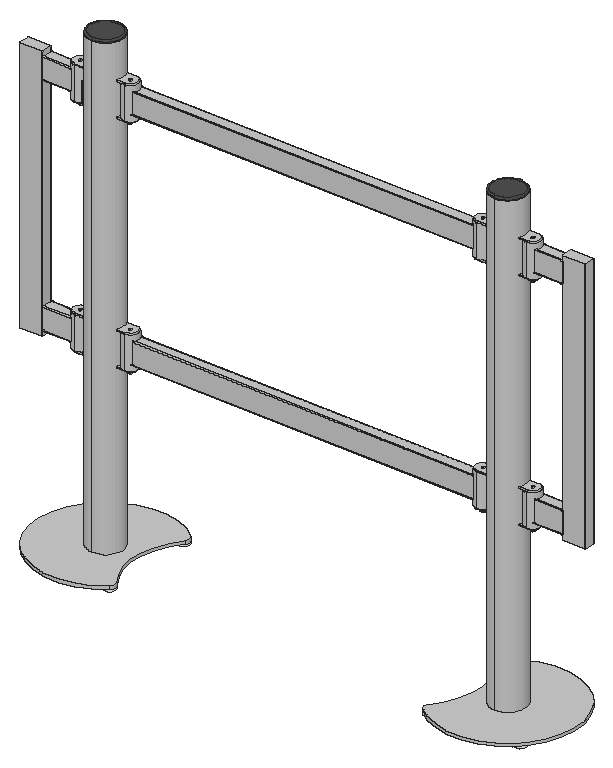
Revit family "PQR-341-ANC", category Furniture, Revit 2021
Family settings
  OmniClass Number = 23.40.20.00
  OmniClass Title = General Furniture and Specialties
  Work Plane-Based = No
  Always vertical = Yes
  Cut with Voids When Loaded = No
  Shared = No
  Room Calculation Point = No
Parameters
  W = 3' - 0"
  Frame [instance] = CEN_Frame_Metallic Silver Powdercoat (MS)
  Model = "PQR-341-ANC"
  End pieces on/off R [instance] = yes
  End pieces on/off L [instance] = yes
  Default Elevation = 0' - 0"
Reference planes (in)
  plane 1 "Center Front/Back": y = 0
  plane 2: z = 0
  plane 3 "Center Left/Right": x = 0
  plane 4: x = -18
  plane 5: x = 18
  plane 6: x = -11.5
  plane 7: x = 11.5
  plane 8: x = 15.5
Forms (in)
  Extrusion 1, solid, material "CEN_Frame_Metallic Silver Powdercoat (MS)" <- "Frame"
    sketch origin (-23.29168, 0.50272, 36.0271) x (0, -1, 0) y (0, 0, 1)
      loop
        line (1, 0) -> (1, 1.78554)
        arc (1, 1.78554) -> (0.98091, 1.83163) -> (0.93482, 1.85072) r 0.06518
        line (0.93482, 1.85072) -> (0.06518, 1.85072)
        arc (0.06518, 1.85072) -> (0.01909, 1.83163) -> (0, 1.78554) r 0.06518
        line (0, 1.78554) -> (0, 0)
        arc (0, 0) -> (0.01909, -0.04609) -> (0.06518, -0.06518) r 0.06518
        line (0.06518, -0.06518) -> (0.93482, -0.06518)
        arc (0.93482, -0.06518) -> (0.98091, -0.04609) -> (1, 0) r 0.06518
      loop
        line (1, -20.08373) -> (1, -18.21446)
        arc (1, -18.21446) -> (0.98091, -18.16837) -> (0.93482, -18.14928) r 0.06518
        line (0.93482, -18.14928) -> (0.06518, -18.14928)
        arc (0.06518, -18.14928) -> (0.01909, -18.16837) -> (0, -18.21446) r 0.06518
        line (0, -18.21446) -> (0, -20.08373)
        arc (0, -20.08373) -> (0.01909, -20.12982) -> (0.06518, -20.14891) r 0.06518
        line (0.06518, -20.14891) -> (0.93482, -20.14891)
        arc (0.93482, -20.14891) -> (0.98091, -20.12982) -> (1, -20.08373) r 0.06518
    from -7.93603 to -38.79168
Dimensions and locks (in)
  equal spacing: plane 4, plane 3 "Center Left/Right", plane 5
  "W": plane 4 to plane 5
  locked: plane 7 to plane 5 at 6.5
  locked: plane 6 to plane 4 at 6.5
  locked: plane 8 to plane 5 at 2.5
  aligned and locked: level to plane 2
  aligned and locked: plane 4 to nested 1
  aligned and locked: nested 2 to plane 5
  aligned and locked: plane 8 to Extrusion 1
Automatic sketch dimensions
  Extrusion 1 sketch curve to nested 1 = 0' - 0.06518"  (x3)
  Extrusion 1 sketch curve to Extrusion 1 sketch curve = 0' - 0.06518"
  radius of Extrusion 1 sketch curve to nested 1 = 0' - 0"  (x4)
Nested families (in)
  nested 1: "PQR-341-post " at (-18, 0, 0) x (0, 1, 0) z (0, 0, 1), END KIT <- "End pieces on/off L", type "PQR-341-post "
  nested 2: "PQR-341-post " at (18, 0, 0) x (0, 1, 0) z (0, 0, 1), END KIT <- "End pieces on/off R", type "PQR-341-post "
Definition of nested family "PQR-341-post "
  Parameters (values of type "PQR-341-post ")
    plastic button = none
    Post = none
    END KIT [instance] = no
    Default Elevation = 0' - 0"
  Types (2): name
    PQR-341-post
    NOT END KIT
  Reference planes (in)
    plane 1 "Center Front/Back": y = 0
    plane 2: z = 0
    plane 3 "Center Left/Right": x = 0
    plane 4: z = 41.62154
    plane 5: z = 41.43404
    plane 6: z = 38.43918
    plane 7: z = 35.46343
    plane 8: z = 38.31958
    plane 9: z = 35.34626
    plane 10: z = 35.0779
    plane 11: z = 34.93741
    plane 12: z = 18.43657
    plane 13: z = 18.31697
    plane 14: z = 38.28685
    plane 15: z = 15.46357
    plane 16: z = 37.79482
    plane 17: z = 17.87782
    plane 18: z = 15.87818
  Forms (in)
    Extrusion 1, solid, material <- "Post"
      sketch origin (-0.02853, -0.08679, 0) x (1, 0, 0) y (0, 1, 0)
        loop
          arc (-3.79412, 4.14027) -> (-4.14981, 4.24664) -> (-4.48079, 4.07846) r 0.5
          arc (-4.48079, 4.07846) -> (0.03357, -5.88186) -> (4.53637, 4.0837) r 6.00161
          arc (4.53637, 4.0837) -> (4.20519, 4.25149) -> (3.84963, 4.14471) r 0.5
          arc (3.84963, 4.14471) -> (0.02853, 2.80874) -> (-3.79412, 4.14027) r 6.14269
      from 0.18657 to 0.43657
    Extrusion 2, solid, material <- "plastic button"
      sketch origin (0, 0, 0) x (1, 0, 0) y (0, 1, 0)
        loop
          circle (0, 0) r 1.5
      from 41.43404 to 41.62154
    Extrusion 3, solid, material <- "Post", visible <- "END KIT"
      sketch origin (0, 0, 0) x (1, 0, 0) y (0, 1, 0)
        loop
          circle (0.00169, -2.23449) r 0.6875
      from 35.46343 to 38.31958
    Extrusion 4, solid, material <- "Post"
      sketch origin (0, 0, 0) x (1, 0, 0) y (0, 1, 0)
        loop
          circle (0.00169, 2.23449) r 0.11265
        loop
          circle (0.00169, -2.23449) r 0.11265
        loop
          line (0.61497, -2.23449) -> (0.61497, 2.23449)
          arc (0.61497, 2.23449) -> (0.00169, 2.84777) -> (-0.61159, 2.23449) r 0.61328
          line (-0.61159, 2.23449) -> (-0.61159, -2.23449)
          arc (-0.61159, -2.23449) -> (0.00169, -2.84777) -> (0.61497, -2.23449) r 0.61328
      from 38.31958 to 38.43918
    Extrusion 5, solid, material <- "Post"
      sketch origin (0, 0, 0) x (1, 0, 0) y (0, 1, 0)
        loop
          circle (0.00169, 2.23449) r 0.11265
        loop
          circle (0.00169, -2.23449) r 0.11265
        loop
          line (0.61497, -2.23449) -> (0.61497, 2.23449)
          arc (0.61497, 2.23449) -> (0.00169, 2.84777) -> (-0.61159, 2.23449) r 0.61328
          line (-0.61159, 2.23449) -> (-0.61159, -2.23449)
          arc (-0.61159, -2.23449) -> (0.00169, -2.84777) -> (0.61497, -2.23449) r 0.61328
      from 35.34626 to 35.46343
    Extrusion 6, solid, material <- "Post"
      sketch origin (0, 0, 0) x (1, 0, 0) y (0, 1, 0)
        loop
          line (0.06349, 1.95369) -> (0.27562, 2.14947) -> (0.21213, 2.43108) -> (-0.06349, 2.5169) -> (-0.27562, 2.32111) -> (-0.21213, 2.0395) -> (0.06349, 1.95369)
        loop
          circle (0.00169, 2.23449) r 0.11265
      from 35.0779 to 35.34626
    Extrusion 7, solid, material <- "Post", visible <- "END KIT"
      sketch origin (0, 0, 0) x (1, 0, 0) y (0, 1, 0)
        loop
          circle (0.00169, -2.23449) r 0.11265
      from 34.93741 to 38.43918
    Sweep 8, void
      path in 3D
        loop
          arc (1.5, 0, 41.62154) -> (0, -1.5, 41.62154) -> (-1.5, 0, 41.62154) r 1.5
          arc (-1.5, 0, 41.62154) -> (0, 1.5, 41.62154) -> (1.5, 0, 41.62154) r 1.5
      profile origin (0, 1.5, 41.62154) x (0, 1, 0) y (0, 0, 1)
        loop
          line (0, -0.12486) -> (0.05983, -0.12486) -> (0.05983, 0) -> (-0.12486, 0)
          arc (-0.12486, 0) -> (-0.03657, -0.03657) -> (0, -0.12486) r 0.12486
    Extrusion 9, solid, material <- "Post"
      sketch origin (0, 0, 0) x (1, 0, 0) y (0, 1, 0)
        loop
          circle (0.00169, 2.23449) r 0.11265
      from 34.93741 to 38.43918
    Extrusion 10, solid, material <- "Post"
      sketch origin (0, 0, -20) x (1, 0, 0) y (0, 1, 0)
        loop
          circle (0.00169, 2.23449) r 0.11265
        loop
          circle (0.00169, -2.23449) r 0.11265
        loop
          line (0.61497, -2.23449) -> (0.61497, 2.23449)
          arc (0.61497, 2.23449) -> (0.00169, 2.84777) -> (-0.61159, 2.23449) r 0.61328
          line (-0.61159, 2.23449) -> (-0.61159, -2.23449)
          arc (-0.61159, -2.23449) -> (0.00169, -2.84777) -> (0.61497, -2.23449) r 0.61328
      from 38.31697 to 38.43657
    Extrusion 11, solid, material <- "Post"
      sketch origin (0, 0, -20) x (1, 0, 0) y (0, 1, 0)
        loop
          circle (0.00169, 2.23449) r 0.11265
        loop
          circle (0.00169, -2.23449) r 0.11265
        loop
          line (0.61497, -2.23449) -> (0.61497, 2.23449)
          arc (0.61497, 2.23449) -> (0.00169, 2.84777) -> (-0.61159, 2.23449) r 0.61328
          line (-0.61159, 2.23449) -> (-0.61159, -2.23449)
          arc (-0.61159, -2.23449) -> (0.00169, -2.84777) -> (0.61497, -2.23449) r 0.61328
      from 35.34365 to 35.46082
    Extrusion 12, solid, material <- "Post", visible <- "END KIT"
      sketch origin (0, 0, -20) x (1, 0, 0) y (0, 1, 0)
        loop
          circle (0.00169, -2.23449) r 0.11265
      from 34.9348 to 38.43657
    Extrusion 13, solid, material <- "Post"
      sketch origin (0, 0, -20) x (1, 0, 0) y (0, 1, 0)
        loop
          circle (0.00169, 2.23449) r 0.11265
      from 34.9348 to 38.43657
    Extrusion 14, solid
      sketch origin (-0.02853, -0.08679, 0) x (1, 0, 0) y (0, 1, 0)
        loop
          circle (-4.10805, 3.76384) r 0.48854
        loop
          circle (4.16511, 3.76384) r 0.48854
        loop
          circle (-3.62282, -3.98401) r 0.48854
        loop
          circle (3.67988, -3.98401) r 0.48854
      from 0 to 0.18657
    Extrusion 15, solid, material <- "Post"
      sketch origin (0, 0, 0) x (1, 0, 0) y (0, 1, 0)
        loop
          circle (0, 0) r 1.5
      from 0.43657 to 41.43404
    Extrusion 16, solid, material <- "Post", visible <- "END KIT"
      sketch origin (0, 0, 0) x (1, 0, 0) y (0, 1, 0)
        loop
          line (0.44955, -5.29168) -> (-0.44411, -5.29168)
          arc (-0.44411, -5.29168) -> (-0.4817, -5.30725) -> (-0.49728, -5.34485) r 0.05317
          line (-0.49728, -5.34485) -> (-0.49728, -7.23851)
          arc (-0.49728, -7.23851) -> (-0.4817, -7.27611) -> (-0.44411, -7.29168) r 0.05317
          line (-0.44411, -7.29168) -> (0.44955, -7.29168)
          arc (0.44955, -7.29168) -> (0.48715, -7.27611) -> (0.50272, -7.23851) r 0.05317
          line (0.50272, -7.23851) -> (0.50272, -5.34485)
          arc (0.50272, -5.34485) -> (0.48715, -5.30725) -> (0.44955, -5.29168) r 0.05317
      from 15.46357 to 38.28685
    Extrusion 17, solid, material <- "Post", visible <- "END KIT"
      sketch origin (0, 0, 0) x (1, 0, 0) y (0, 0, 1)
        loop
          line (-0.43209, 35.96191) -> (0.43754, 35.96191)
          arc (0.43754, 35.96191) -> (0.48363, 35.981) -> (0.50272, 36.0271) r 0.06518
          line (0.50272, 36.0271) -> (0.50272, 37.81264)
          arc (0.50272, 37.81264) -> (0.48363, 37.85873) -> (0.43754, 37.87782) r 0.06518
          line (0.43754, 37.87782) -> (-0.43209, 37.87782)
          arc (-0.43209, 37.87782) -> (-0.47818, 37.85873) -> (-0.49728, 37.81264) r 0.06518
          line (-0.49728, 37.81264) -> (-0.49728, 36.0271)
          arc (-0.49728, 36.0271) -> (-0.47818, 35.981) -> (-0.43209, 35.96191) r 0.06518
        loop
          line (-0.43209, 15.87818) -> (0.43754, 15.87818)
          arc (0.43754, 15.87818) -> (0.48363, 15.89727) -> (0.50272, 15.94336) r 0.06518
          line (0.50272, 15.94336) -> (0.50272, 17.81264)
          arc (0.50272, 17.81264) -> (0.48363, 17.85873) -> (0.43754, 17.87782) r 0.06518
          line (0.43754, 17.87782) -> (-0.43209, 17.87782)
          arc (-0.43209, 17.87782) -> (-0.47818, 17.85873) -> (-0.49728, 17.81264) r 0.06518
          line (-0.49728, 17.81264) -> (-0.49728, 15.94336)
          arc (-0.49728, 15.94336) -> (-0.47818, 15.89727) -> (-0.43209, 15.87818) r 0.06518
      from 2.63684 to 5.29168
    Extrusion 18, solid, material <- "Post"
      sketch origin (0, 0, 0) x (1, 0, 0) y (0, 1, 0)
        loop
          circle (0.00169, 2.23449) r 0.6875
      from 35.46343 to 38.31958
    Extrusion 19, solid, material <- "Post"
      sketch origin (0, 0, -20) x (1, 0, 0) y (0, 1, 0)
        loop
          circle (0.00169, 2.23449) r 0.6875
      from 35.46082 to 38.31697
    Extrusion 20, solid, material <- "Post", visible <- "END KIT"
      sketch origin (0, 0, -20) x (1, 0, 0) y (0, 1, 0)
        loop
          circle (0.00169, -2.23449) r 0.6875
      from 35.46082 to 38.31697
    Extrusion 21, solid, material <- "Post", visible <- "END KIT"
      sketch origin (0, 0, 0) x (1, 0, 0) y (0, 1, 0)
        loop
          line (0.06349, -1.95369) -> (-0.21213, -2.0395) -> (-0.27562, -2.32111) -> (-0.06349, -2.5169) -> (0.21213, -2.43108) -> (0.27562, -2.14947) -> (0.06349, -1.95369)
        loop
          circle (0.00169, -2.23449) r 0.11265
      from 35.0779 to 35.34626
    Extrusion 22, solid, material <- "Post"
      sketch origin (0, 0, -20.00261) x (1, 0, 0) y (0, 1, 0)
        loop
          line (0.06349, 1.95369) -> (0.27562, 2.14947) -> (0.21213, 2.43108) -> (-0.06349, 2.5169) -> (-0.27562, 2.32111) -> (-0.21213, 2.0395) -> (0.06349, 1.95369)
        loop
          circle (0.00169, 2.23449) r 0.11265
      from 35.0779 to 35.34626
    Extrusion 23, solid, material <- "Post", visible <- "END KIT"
      sketch origin (0, 0, -20.00261) x (1, 0, 0) y (0, 1, 0)
        loop
          line (0.06349, -1.95369) -> (-0.21213, -2.0395) -> (-0.27562, -2.32111) -> (-0.06349, -2.5169) -> (0.21213, -2.43108) -> (0.27562, -2.14947) -> (0.06349, -1.95369)
        loop
          circle (0.00169, -2.23449) r 0.11265
      from 35.0779 to 35.34626
  Cuts and joins
    Sweep 8 cuts Extrusion 2
    joined: Extrusion 3, Extrusion 17
  Lines and regions (in)
    sketch lines
      curve 1: arc (-1.5, 0, 41.62154) -> (0, 1.5, 41.62154) -> (1.5, 0, 41.62154) r 1.5
      curve 2: arc (1.5, 0, 41.62154) -> (0, -1.5, 41.62154) -> (-1.5, 0, 41.62154) r 1.5
  Dimensions and locks (in)
    plane 4 to level = 3' - 5.62154"
    locked: plane 4 to plane 5 at 0.1875
    plane 11 to plane 10 to plane 9 to plane 7 to plane 8 to plane 6 = 0' - 0.14049" locked, 0' - 0.26836" locked, 0' - 0 15/128" locked, 0' - 2.85615" locked, 0' - 0.1196" locked
    locked: plane 7 to plane 4 at 6.15811
    locked: plane 14 to plane 15 at 22.82328
    locked: plane 14 to plane 6 at 0.15234
    aligned and locked: level to plane 2
    aligned and locked: plane 4 to Extrusion 2
    aligned and locked: Extrusion 14 to level
    aligned and locked: plane 5 to cut or joined group of Extrusion 2, Sweep 8
    aligned and locked: Extrusion 15 to plane 5
    aligned and locked: plane 5 to Extrusion 15
    aligned and locked: plane 6 to Extrusion 4
    aligned and locked: plane 7 to Extrusion 3  (x2)
    aligned and locked: plane 8 to Extrusion 3
    aligned and locked: plane 11 to Extrusion 7  (x2)
    aligned and locked: plane 11 to Extrusion 9
    aligned and locked: plane 10 to Extrusion 6
    aligned and locked: Extrusion 6 to plane 10
    aligned and locked: plane 9 to Extrusion 5
    aligned and locked: Extrusion 6 to plane 9
    aligned and locked: Extrusion 5 to plane 9  (x2)
    aligned and locked: Extrusion 5 to plane 7
    aligned and locked: plane 7 to Extrusion 5
    aligned and locked: plane 8 to Extrusion 4
    aligned and locked: Extrusion 4 to Extrusion 9
    aligned and locked: Extrusion 7 to plane 6
    aligned and locked: plane 12 to Extrusion 10
    aligned and locked: plane 14 to Extrusion 16
    aligned and locked: plane 15 to Extrusion 16
